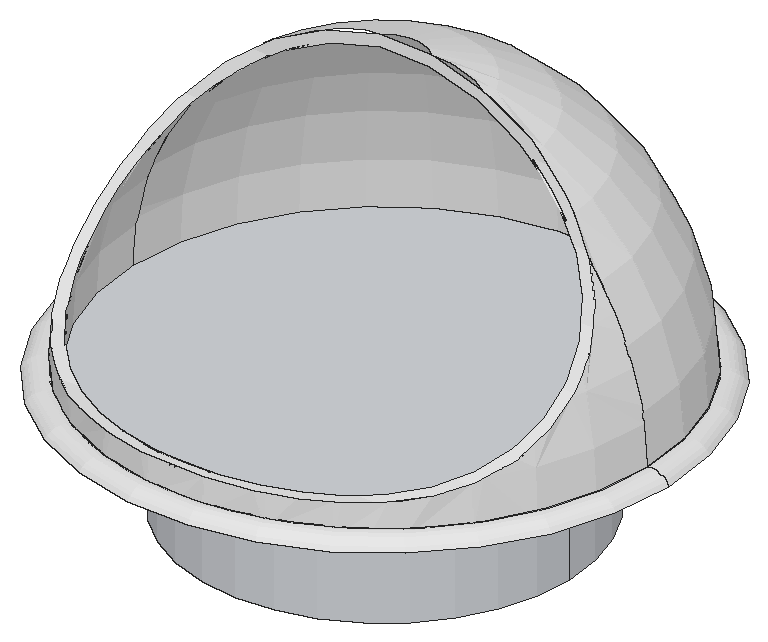
Revit family "CADS_AIRFLOWdev_AirTerminal_RoundCowl_Intake", category Air Terminals, host Face, Revit 2019
Family settings
  Host = Face
  Round Connector Dimension = Use Diameter
  Part Type = Normal
  Cut with Voids When Loaded = No
  Shared = No
  Room Calculation Point = No
Parameters (values of type "180mm With Mesh")
  WorkExecutionLevel = "N/A"
  WeeklyMaintenance = "N/A"
  WarrantyStartDate [instance] = "N/A"
  WarrantyPeriod = "2"
  WarrantyIdentifier = "N/A"
  WarrantyGuarantorParts = "info@airflow.com"
  WarrantyGuarantorLabor = "info@airflow.com"
  WarrantyGuarantor = "Airflow Developments Ltd"
  WarrantyEndDate [instance] = "N/A"
  WarrantyContent = "Replacement of part if faulty"
  Void = ((A - 20 mm) / 2) - 2 mm  # 120.5 mm
  Uniclass2015 = "Pr_65_70_46_01"
  TagNumber [instance] = "N/A"
  Status [instance] = "New"
  Size = "195 x 255 x 255"
  ShippingWeight = 0.09 kg
  Shape = "Round"
  ServiceLifeType = "EXPECTEDSERVICELIFE"
  ServiceLifeDuration = "10"
  SerialNumber [instance] = "N/A"
  RoundCowl = CADS_Airflow_Chrome
  ReplacementCost = "60.444"
  QuarterlyMaintenance = "N/A"
  QualityOfComponents = "N/A"
  ProductionYear = "2017"
  ProductLiterature = "N/A"
  PointOfContact = "Airflow Developments Ltd"
  OutdoorEnviornment = "N/A"
  OperationAndMaintenanceManual = "N/A"
  NumberOfSlots = 0
  NominalWidth = 255 mm
  NominalLength = 195 mm
  NominalHeight = 255 mm
  NBSCode = "90-75-50/370 Air terminals;"
  MountingType = "SURFACE"
  MonthlyMaintenance = "N/A"
  ModelReference = "9041229"
  ModelLabel = "180mm dia round cowl complete with internal mesh"
  MeanTimeBetweenFailure = "N/A"
  Material = "Stainless Steel"
  ManufacturerWebsite = "www.airflow.com"
  ManufacturerTelephone = "01494 525252"
  ManufacturerE-Mail = "info@airflow.com"
  ManufacturerAddress = "Aidelle House\nLancaster Road\nCressex Business Park\nHigh Wycombe\nBucks\nHP123QP"
  Manufacturer = "Airflow Developments Ltd"
  MaintenanceRequired8001to12000hrs = "N/A"
  MaintenanceRequired601to1000hrs = "N/A"
  MaintenanceRequired4001to8000hrs = "N/A"
  MaintenanceRequired301to600hrs = "N/A"
  MaintenanceRequired2001to4000hrs = "N/A"
  MaintenanceRequired1001to2000hrs = "N/A"
  MaintenanceRequired0to300hrs = "N/A"
  MaintenanceLevel = "N/A"
  IsExtendedWarranty = no
  IndoorEnviornment = "N/A"
  InUseConditions = "N/A"
  ISO90001 = yes
  ISO140001 = yes
  HasThermalInsulation = no
  HasSoundAttenuator = no
  HasIntegralControl = no
  GrossWeight = 0.075 kg
  Grade = "Virgin"
  GlobalTradeItemNumber = "5019009318042"
  FlowControlType = "NONE"
  Flow [instance] = 0.0 L/s
  Features [instance] = "180mm dia round cowl complete with internal mesh"
  FaceType = "LOUVERED"
  Exclusions = "Incorrect Use / Incorrect Installation / Installed by a non-accredited electrician. Customer abuse."
  E = 55 mm
  DurationUnit = "Years"
  DesignLevel = "N/A"
  Description = "180mm dia round cowl complete with internal mesh"
  DailyMaintenance = "N/A"
  D = 173 mm
  Mesh [instance] = yes
  Louvers [instance] = no
  Default Elevation = 1219.2 mm
  Constituents = "Silver"
  Color = "Silver"
  CodePerformance = "N/A"
  CEApproval = yes
  C = 190 mm
  BespokeTimeFrameMaintenance = "N/A"
  AssetType = "Fixed"
  AssetIdentifier [instance] = "N/A"
  AssemblyPlace = "N/A"
  AnnualMaintenance = "N/A"
  AirflowRateRange = "0-61"
  AccessibilityPerformance = "N/A"
  A = 265 mm
  Base = A - 20 mm  # 245 mm
  6MonthlyMaintenance = "Visually inspect system, clean the fan and ducting if necessary"
Types (8, lengths in mm): name | Void | Size | ShippingWeight | ReplacementCost | NominalWidth | NominalLength | NominalHeight | ModelReference | ModelLabel | GrossWeight | GlobalTradeItemNumber | Features | E | Description | D | Mesh | Louvers | C | A | Base
  100mm With Louvers | 63 | "115 x 150 x 150" | 0.03 kg | "20.676" | 150 | 115 | 150 | "52644501" | "100mm dia round cowl complete with Internal louvers" | 0.025 kg | "5019009306346" | "100mm dia round cowl complete with Internal louvers" | 42 | "100mm dia round cowl complete with Internal louvers" | 100 | no | yes | 115 | 150 | 130
  125mm With Louvers | 78 | "145 x 190 x 190" | 0.042 kg | "30.228" | 190 | 145 | 190 | "9041226" | "125mm dia round cowl complete with internal louvers" | 0.035 kg | "5019009318011" | "125mm dia round cowl complete with internal louvers" | 48 | "125mm dia round cowl complete with internal louvers" | 125 | no | yes | 145 | 180 | 160
  150mm With Louvers | 91.5 | "155 x 210 x 210" | 0.054 kg | "39.756" | 210 | 155 | 210 | "52644601" | "150mm dia round cowl complete with Internal louvers" | 0.045 kg | "5019009306360" | "150mm dia round cowl complete with Internal louvers" | 55 | "150mm dia round cowl complete with Internal louvers" | 150 | no | yes | 155 | 207 | 187
  180mm With Louvers | 120.5 | "195 x 255 x 255" | 0.09 kg | "60.444" | 255 | 195 | 255 | "9041227" | "180mm dia round cowl complete with internal louvers" | 0.075 kg | "5019009318028" | "180mm dia round cowl complete with internal louvers" | 55 | "180mm dia round cowl complete with internal louvers" | 173 | no | yes | 190 | 265 | 245
  100mm With Mesh | 63 | "115 x 150 x 150" | 0.03 kg | "20.676" | 150 | 115 | 150 | "52644701" | "100mm dia round cowl complete with Internal mesh" | 0.025 kg | "5019009306384" | "100mm dia round cowl complete with Internal mesh" | 42 | "100mm dia round cowl complete with Internal mesh" | 100 | yes | no | 115 | 150 | 130
  125mm With Mesh | 78 | "145 x 190 x 190" | 0.042 kg | "30.228" | 190 | 145 | 190 | "9041228" | "125mm dia round cowl complete with internal mesh" | 0.035 kg | "5019009318035" | "125mm dia round cowl complete with internal mesh" | 48 | "125mm dia round cowl complete with internal mesh" | 125 | yes | no | 145 | 180 | 160
  150mm With Mesh | 91.5 | "155 x 210 x 210" | 0.054 kg | "39.756" | 210 | 155 | 210 | "52644801" | "150mm dia round cowl complete with Internal mesh" | 0.045 kg | "5019009306407" | "150mm dia round cowl complete with Internal mesh" | 55 | "150mm dia round cowl complete with Internal mesh" | 150 | yes | no | 155 | 207 | 187
  180mm With Mesh | 120.5 | "195 x 255 x 255" | 0.09 kg | "60.444" | 255 | 195 | 255 | "9041229" | "180mm dia round cowl complete with internal mesh" | 0.075 kg | "5019009318042" | "180mm dia round cowl complete with internal mesh" | 55 | "180mm dia round cowl complete with internal mesh" | 173 | yes | no | 190 | 265 | 245
Reference planes
  plane 1 "Center (Front/Back)": y = 0
  plane 2: z = 0
  plane 3 "Center (Left/Right)": x = 0
  plane 4: z = 135
  plane 5: x = -122.5
  plane 6: x = 122.5
  plane 7 "top": y = 122.5
  plane 8: y = -122.5
  plane 9: y = -60.25
  plane 10: x = -132.5
  plane 11: y = 132.5
  plane 12: x = 132.5
  plane 13: y = -132.5
  plane 14: y = -120.5
  plane 15: z = 4.663
  plane 16: z = -55
  plane 17: z = 69.832
  plane 18: y = -108.123
Forms (mm)
  Revolve 1, solid, material "CADS_Airflow_Chrome" <- "RoundCowl"
    sketch origin (0, 0, 0) x (1, 0, 0) y (0, 0, 1)
      loop
        arc (122.5, 0) -> (87.787, 91.58) -> (0, 135) r 133.84
        line (0, 135) -> (0, 129.98)
        arc (0, 129.98) -> (84.246, 88.039) -> (117.499, 0) r 128.839
        line (117.499, 0) -> (122.5, 0)
      axis (0, 135) -> (0, 0)
    angle from 0 to 360
  Revolve 2, solid, material "CADS_Airflow_Chrome" <- "RoundCowl"
    sketch origin (0, 0, 0) x (1, 0, 0) y (0, 0, 1)
      loop
        arc (132.5, 0) -> (128.248, 3.935) -> (122.5, 4.663) r 9.485
        line (122.5, 4.663) -> (122.5, 0) -> (132.5, 0)
      axis (0, 4.663) -> (0, 0)
    angle from 0 to 360
  Extrusion 3, solid
    sketch origin (0, 0, 0) x (1, 0, 0) y (0, 1, 0)
      loop
        circle (0, 0) r 122.5
    from 0 to 4.663
  Extrusion 4, solid
    sketch origin (0, 0, 0) x (1, 0, 0) y (0, 1, 0)
      loop
        circle (0, 0) r 86.5
    from 0 to -55
  Extrusion 5, void
    sketch origin (0, -47.12, -7.321) x (0, 1, 0) y (0, 0, 1)
      loop
        circle (-61.003, 142.321) r 120.5
    from -286.988 to 250
Cuts and joins
  Extrusion 5 cuts Revolve 1
Dimensions and locks
  equal spacing: plane 10, plane 3 "Center (Left/Right)", plane 12
  equal spacing: plane 11, plane 1 "Center (Front/Back)", plane 13
  "A": plane 11 to plane 13
  "A": plane 10 to plane 12
  locked: plane 10 to plane 5 at 10
  locked: plane 6 to plane 12 at 10
  locked: plane 8 to plane 13 at 10
  locked: plane 11 to plane 7 "top" at 10
  locked: plane 14 to plane 8 at 2
  equal spacing: plane 1 "Center (Front/Back)", plane 9, plane 14
  plane 1 "Center (Front/Back)" to plane 14 = 120.5 mm
  locked: plane 15 to level at 4.663
  "E": level to plane 16
  "C": plane 4 to plane 16
  equal spacing: plane 4, plane 17, plane 15
  locked: plane 13 to plane 18 at 24.377
  "Base": diameter of Extrusion 3 sketch curve
  "D": diameter of Extrusion 4 sketch curve
  "Void": radius of Extrusion 5 sketch curve
  aligned and locked: plane 2 to host face
  aligned and locked: level to host face
  aligned and locked: Revolve 1 sketch curve to plane 3 "Center (Left/Right)"
  aligned and locked: Revolve 2 sketch curve to plane 3 "Center (Left/Right)"
  aligned and locked: plane 3 "Center (Left/Right)" to Revolve 1 sketch curve
  aligned and locked: level to Revolve 1 sketch curve
  aligned and locked: plane 15 to Extrusion 3
  aligned and locked: Extrusion 4 to plane 16
  aligned and locked: level to Extrusion 4
  aligned and locked: plane 18 to Extrusion 5 sketch curve
  aligned and locked: plane 4 to Extrusion 5 sketch curve
Automatic sketch dimensions
  host sketch curve to host sketch curve = 2438.4 mm  (x2)
  Revolve 2 sketch curve to level = 0 mm
  Revolve 2 sketch curve to plane 6 = 0 mm
  Revolve 2 sketch curve to plane 12 = 0 mm
  plane 6 to Revolve 2 sketch curve = 1.739 mm
  Revolve 2 sketch curve to level = 4.661 mm
  Revolve 2 sketch curve to Revolve 2 sketch curve = 604.939 mm
  plane 4 to Revolve 2 sketch curve = 2534.058 mm
  Revolve 1 sketch curve to plane 6 = 0 mm
  Revolve 1 sketch curve to plane 4 = 0 mm
  level to Revolve 1 sketch curve = 1.64 mm
  Revolve 1 sketch curve to Revolve 1 sketch curve = 5.001 mm
  Revolve 1 sketch curve to plane 16 = 567.6 mm
  Revolve 1 sketch curve to Revolve 1 sketch curve = 2534.058 mm
  Revolve 1 sketch curve to Revolve 1 sketch curve = 0 mm  (x2)
  plane 1 "Center (Front/Back)" to Extrusion 3 sketch curve = 0 mm
  Extrusion 3 sketch curve to plane 3 "Center (Left/Right)" = 0 mm
  plane 1 "Center (Front/Back)" to Extrusion 4 sketch curve = 0 mm
  Extrusion 4 sketch curve to plane 3 "Center (Left/Right)" = 0 mm
Connectors
  hvac at (0, 0, 0), driven by "D", driven by "Flow"
    settings: on Extrusion 4, index 1, duct flow 0.0 L/s, flow factor 0, pres drop 0.0 Pa, loss coef 0, conn angle 0.00°, conn width 304.8 mm, conn height 304.8 mm, conn diameter 173 mm, duct sys type 1, conn prof type 0, flow config 1, flow direction 2, loss method 0, conn ref index -1, conn util no, is conn primary yes, conn desc ""
